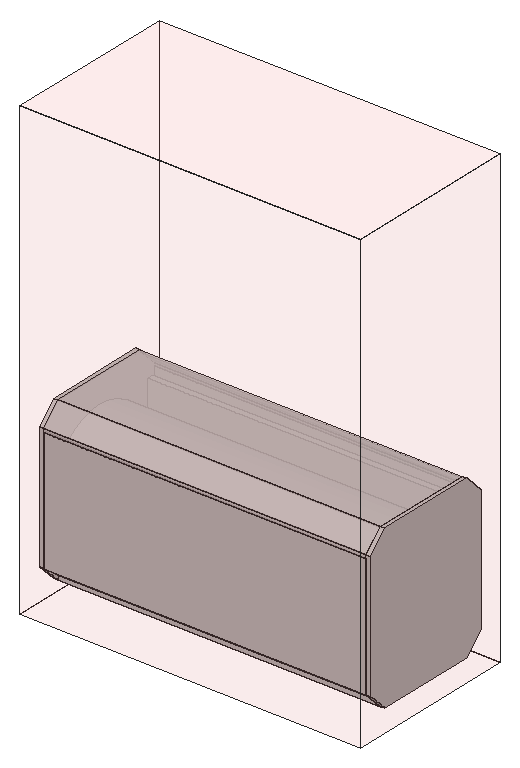
Revit family "Air-Curtain_Insect-Control_PoweredAire_BCE-BCT", category Mechanical Equipment, host Face, Revit 2016
Family settings
  Host = Face
  Part Type = Normal
  Round Connector Dimension = Use Diameter
  OmniClass Number = 23.75.35.17.21
  OmniClass Title = Air Curtains
  Cut with Voids When Loaded = No
  Shared = No
  Room Calculation Point = No
Parameters
  Warranty Duration (Years) = 0
  Unit Width Notes = "Other Widths available."  # constant formula
  Unit Width = 3' - 0"
  Unit Weight = 0
  Unit Height = 1' - 3"
  Unit Depth = 1' - 5 1/2"
  URL = "http://www.poweredaire.com/"
  Test Data = ""
  Standards Conformance = "as Specified"
  Specification = "http://www.arcat.com/sdspecs/htm04/23_34_33pai.htm"
  SpecWizard = ""
  Sound Pressure = "as Specified"
  Sales Information = "http://www.poweredaire.com/contact_us"
  Revision = "R1_2016-08"
  Projection from Host [instance] = 0' - 2"
  Product Properties = ""
  Product Data = "http://www.arcat.com/arcatcos/cos47/arc47623.html"
  Power Rating = 0 W
  Nozzle Width = if(1 = 1, Unit Width - 0' 1", 0' 0")  # 2' - 11"
  Mounting Width = if(1 = 1, Unit Width - 0' 0 15/16", 0' 0")  # 2' - 11 1/16"
  Mounting Height [instance] = 3' - 6"
  Motor RPM = 0
  Motor HP = 0
  Motor Count = 0
  Model = "As Specified"
  Max Height = 0' - 0"
  Manufacturer Website = "http://www.poweredaire.com/"
  Manufacturer Phone - Toll Free = "888-321-2473"
  Manufacturer Phone = "724-588-3305"
  Manufacturer Fax = "724-588-3371"
  Manufacturer Address = "109 Mortensen Rd.  Greenville, PA 16125"
  Manufacturer = "Powered Aire, Inc"
  Maintenance Schedule (Months) = 0
  Keynote = "23 34 33"
  Installation-Fabrication = ""
  Installation Phase = ""
  Include Clearance [instance] = yes
  Heating Element Load = 0 W
  HVAC_Temperature Rise = 0 °F
  HVAC_Outlet Volume = 0 CFM
  HVAC_Outlet Velocity Uniformity = 0
  HVAC_Outlet Velocity = 0 FPM
  Green Building-LEED = "http://www.arcat.com/green/clients/leed_data_47623.html"
  Front Grating Material [instance] = Metal - Steel - PoweredAire - Stainless 304 Perforated
  Frame Finish [instance] = Metal - Steel - PoweredAire - Stainless 304
  Expected Lifespan (Years) = 0
  Electrical_Wattage [instance] = Power Rating + Heating Element Load  # 0 W
  Electrical_Voltage [instance] = 0 V
  Electrical_Phase [instance] = 1
  Electrical_Frequency [instance] = 0 Hz
  Electrical_Amperage [instance] = 0 A
  Drawn By = "Sumex Design, Inc. / Robert S. Weygant, CSI, CDT, SCIP"
  Description = "Powered Aire Air Curtain as Specified"
  Default Elevation = 0' - 0"  # constant formula
  Copyright = "©Arcat Inc."
  Construction Details = "http://www.arcat.com/details/powair/prod3336.html"
  Clearance_Top [instance] = 0' - 2"
  Clearance_Side B [instance] = 0' - 0 1/2"
  Clearance_Side A [instance] = 0' - 0 1/2"
  Clearance_Intake [instance] = 2' - 6"
  Clearance_Bottom [instance] = 0' - 2"
  Clearance Material [instance] = ARCAT Clearance
  Building Codes = ""
  Available Options [instance] = "as Specified"
  Assembly Code = "D3090400"
Reference planes (in)
  plane 1 "Center (Elevation)": y = 0.13818
  plane 2: z = 0
  plane 3 "Center (Left/Right)": x = 0
  plane 4: y = 7.63818
  plane 5: y = -7.36182
  plane 6: x = -18
  plane 7: x = 18
  plane 8: z = 19.5
  plane 9 "FF": y = -41.86182
  plane 10: z = 2
  plane 11: x = 17.5
  plane 12: x = -17.5
  plane 13: y = 9.63818
  plane 14: y = -9.36182
  plane 15: x = -18.5
  plane 16: x = 18.5
  plane 17: z = 49.5
Forms (in)
  Extrusion 1, solid, material "Metal - Steel - PoweredAire - Stainless 304" <- "Frame Finish"
    sketch origin (0, 0, 0) x (0, 1, 0) y (0, 0, 1)
      loop
        line (5.69363, 2) -> (7.63818, 3.94454) -> (7.63818, 17.55546) -> (5.69363, 19.5) -> (-5.41728, 19.5) -> (-7.36182, 17.55546) -> (-7.36182, 3.94454) -> (-5.41728, 2) -> (5.69363, 2)
    from 17.5 to 18
  Extrusion 2, solid, material "Metal - Steel - PoweredAire - Stainless 304" <- "Frame Finish"
    sketch origin (0, 0, -0.5) x (0, 1, 0) y (0, 0, 1)
      loop
        circle (0.13818, 10.9739) r 6.25
      loop
        line (6.63818, 16.89427) -> (6.63818, 5.87829) -> (7.33849, 5.87829) -> (7.33849, 16.89427) -> (6.63818, 16.89427)
      loop
        line (-7.02798, 16.76927) -> (-7.02798, 5.75329) -> (-6.36182, 5.75329) -> (-6.36182, 16.76927) -> (-7.02798, 16.76927)
    from -17.5 to 17.5
  Extrusion 3, solid, material "Metal - Steel - PoweredAire - Stainless 304" <- "Frame Finish"
    sketch origin (0, 0, 0) x (0, 1, 0) y (0, 0, -1)
      loop
        line (5.69363, -2) -> (-5.41728, -2) -> (-7.36182, -3.94454) -> (-7.36182, -17.55546) -> (-5.41728, -19.5) -> (5.69363, -19.5) -> (7.63818, -17.55546) -> (7.63818, -3.94454) -> (5.69363, -2)
    from 17.5 to 18
  Extrusion 4, solid, material "Metal - Steel - PoweredAire - Stainless 304" <- "Frame Finish"
    sketch origin (0, 0, 0) x (0, 1, 0) y (0, 0, 1)
      loop
        line (-5.41728, 2) -> (5.69363, 2) -> (7.63818, 3.94454) -> (7.63818, 17.19454) -> (7.51318, 17.19454) -> (7.51318, 3.99632) -> (5.64186, 2.125) -> (-5.29228, 2.125) -> (-5.29228, 4.06954) -> (-7.23682, 4.06954) -> (-7.23682, 17.19454) -> (-7.36182, 17.19454) -> (-7.36182, 3.94454) -> (-5.41728, 3.94454) -> (-5.41728, 2)
      loop
        line (-6.64819, 3.61034) -> (-5.8702, 2.83235) -> (-5.74472, 2.95783) -> (-6.52271, 3.73583) -> (-6.64819, 3.61034)
    from -17.5 to 17.5
  Extrusion 5, solid, material "Metal - Steel - PoweredAire - Stainless 304 Perforated" <- "Front Grating Material"
    sketch origin (0, 0, 0) x (0, 1, 0) y (0, 0, 1)
      loop
        line (-7.36182, 17.19454) -> (-7.23682, 17.19454) -> (-7.23682, 17.50368) -> (-5.3655, 19.375) -> (5.64186, 19.375) -> (7.51318, 17.50368) -> (7.51318, 17.19454) -> (7.63818, 17.19454) -> (7.63818, 17.55546) -> (5.69363, 19.5) -> (-5.41728, 19.5) -> (-7.36182, 17.55546) -> (-7.36182, 17.19454)
    from -17.5 to 17.5
  Extrusion 6, solid, material "ARCAT Clearance" <- "Clearance Material", visible <- "Include Clearance"
    sketch origin (0, 0, 0) x (0, 1, 0) y (0, 0, 1)
      loop
        line (-9.36182, 49.5) -> (-9.36182, 0) -> (9.63818, 0) -> (9.63818, 49.5) -> (-9.36182, 49.5)
    from -18.5 to 18.5
Dimensions and locks (in)
  equal spacing: plane 4, plane 1 "Center (Elevation)", plane 5
  "Unit Height": plane 4 to plane 5
  equal spacing: plane 6, plane 3 "Center (Left/Right)", plane 7
  "Unit Width": plane 6 to plane 7
  "Mounting Height": plane 1 "Center (Elevation)" to plane 9 "FF"
  "Projection from Host": plane 10 to level
  "Unit Depth": plane 8 to plane 10
  locked: plane 6 to plane 12 at 0.5
  locked: plane 11 to plane 7 at 0.5
  "Clearance_Side A": plane 7 to plane 16
  "Clearance_Side B": plane 15 to plane 6
  "Clearance_Top": plane 13 to plane 4
  "Clearance_Bottom": plane 5 to plane 14
  "Clearance_Intake": plane 17 to plane 8
  aligned and locked: plane 2 to host face
  aligned and locked: level to host face
  aligned and locked: plane 7 to Extrusion 1
  aligned and locked: Extrusion 1 to plane 11
  aligned and locked: plane 12 to Extrusion 3
  aligned and locked: Extrusion 3 to plane 6
  aligned and locked: Extrusion 2 to plane 12
  aligned and locked: plane 11 to Extrusion 2
  aligned and locked: plane 11 to Extrusion 4
  aligned and locked: Extrusion 4 to plane 12
  aligned and locked: plane 11 to Extrusion 5
  aligned and locked: Extrusion 5 to plane 12
  aligned and locked: Extrusion 6 sketch curve to plane 17
  aligned and locked: plane 14 to Extrusion 6 sketch curve
  aligned and locked: level to Extrusion 6 sketch curve
  aligned and locked: Extrusion 6 sketch curve to plane 13
  aligned and locked: plane 16 to Extrusion 6
  aligned and locked: Extrusion 6 to plane 15
Automatic sketch dimensions
  host sketch curve to host sketch curve = 8' - 0"  (x2)
  Extrusion 1 sketch curve to plane 5 = 0' - 0"
  Extrusion 1 sketch curve to plane 8 = 0' - 0"
  Extrusion 1 sketch curve to plane 10 = 0' - 0"
  Extrusion 1 sketch curve to plane 4 = 0' - 0"
  plane 5 to Extrusion 1 sketch curve = 0' - 1.94454"  (x2)
  Extrusion 1 sketch curve to plane 4 = 0' - 1.94454"  (x2)
  plane 10 to Extrusion 1 sketch curve = 0' - 1.94454"  (x2)
  Extrusion 1 sketch curve to plane 8 = 0' - 1.94454"  (x2)
  Extrusion 2 sketch curve to plane 1 "Center (Elevation)" = 0' - 0"
  plane 5 to Extrusion 2 sketch curve = 0' - 1"
  plane 5 to Extrusion 2 sketch curve = 0' - 0.33384"
  Extrusion 2 sketch curve to plane 4 = 0' - 1"
  Extrusion 2 sketch curve to plane 4 = 0' - 0.29969"
  plane 10 to Extrusion 2 sketch curve = 0' - 3.37829"
  plane 10 to Extrusion 2 sketch curve = 0' - 3.25329"
  Extrusion 2 sketch curve to plane 8 = 0' - 9.0261"
  Extrusion 2 sketch curve to plane 8 = 0' - 3.23073"
  Extrusion 2 sketch curve to plane 8 = 0' - 3.10573"
  Extrusion 3 sketch curve to plane 5 = 0' - 0"
  Extrusion 3 sketch curve to plane 8 = 0' - 0"
  Extrusion 3 sketch curve to plane 10 = 0' - 0"
  Extrusion 3 sketch curve to plane 4 = 0' - 0"
  plane 5 to Extrusion 3 sketch curve = 0' - 1.94454"  (x2)
  Extrusion 3 sketch curve to plane 4 = 0' - 1.94454"  (x2)
  Extrusion 3 sketch curve to plane 8 = 0' - 1.94454"  (x2)
  plane 10 to Extrusion 3 sketch curve = 0' - 1.94454"  (x2)
  Extrusion 4 sketch curve to plane 5 = 0' - 0"
  Extrusion 4 sketch curve to plane 10 = 0' - 0"
  Extrusion 4 sketch curve to plane 4 = 0' - 0"
  plane 5 to Extrusion 4 sketch curve = 0' - 0 1/8"
  plane 5 to Extrusion 4 sketch curve = 0' - 0.71363"
  Extrusion 4 sketch curve to Extrusion 4 sketch curve = 0' - 0.12548"  (x2)
  Extrusion 4 sketch curve to Extrusion 4 sketch curve = 0' - 0.778"
  Extrusion 4 sketch curve to Extrusion 4 sketch curve = 0' - 0.32744"
  Extrusion 4 sketch curve to Extrusion 4 sketch curve = 0' - 0 1/8"  (x2)
  plane 10 to Extrusion 4 sketch curve = 0' - 0 1/8"
  Extrusion 4 sketch curve to plane 4 = 0' - 1.99632"
  Extrusion 4 sketch curve to Extrusion 4 sketch curve = 0' - 0.05178"  (x2)
  plane 10 to Extrusion 4 sketch curve = 0' - 0.83235"
  plane 10 to Extrusion 4 sketch curve = 0' - 1.94454"
  Extrusion 4 sketch curve to Extrusion 4 sketch curve = 0' - 0.3342"
  Extrusion 4 sketch curve to plane 4 = 0' - 0 1/8"
  Extrusion 4 sketch curve to plane 8 = 0' - 2.30546"  (x2)
  Extrusion 5 sketch curve to plane 5 = 0' - 0"
  Extrusion 5 sketch curve to plane 8 = 0' - 0"
  Extrusion 5 sketch curve to plane 4 = 0' - 0"
  plane 5 to Extrusion 5 sketch curve = 0' - 0 1/8"
  plane 5 to Extrusion 5 sketch curve = 0' - 1.94454"
  Extrusion 5 sketch curve to plane 8 = 0' - 0 1/8"
  Extrusion 5 sketch curve to Extrusion 5 sketch curve = 0' - 0.05178"  (x4)
  Extrusion 5 sketch curve to plane 4 = 0' - 1.99632"
  Extrusion 5 sketch curve to plane 8 = 0' - 1.94454"  (x2)
  Extrusion 5 sketch curve to Extrusion 5 sketch curve = 0' - 0 1/8"
  Extrusion 5 sketch curve to Extrusion 5 sketch curve = 0' - 0.30914"  (x2)
  radius of Extrusion 2 sketch curve = 0' - 6 1/4"
Connectors (in)
  electrical at (0, 7.63818, 10.56954), driven by "Electrical_Phase", driven by "Electrical_Voltage"
    settings: on Extrusion 4, index 1, voltage 0 V, apparent load 0 VA, apparent load phase1 0 VA, apparent load phase2 0 VA, apparent load phase3 0 VA, power factor 1, load classification "Motor", number of poles 1, system type 31, power factor state 1, is connector primary yes, connector utility no, sub classification motor no, connector description ""
